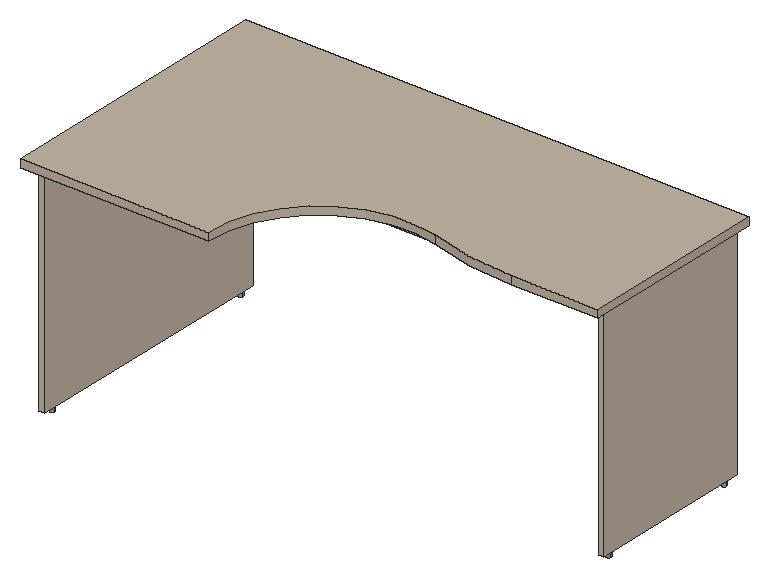
Revit family "Стол рабочий эргономичный Юнитекс К", category Оборудование, Revit 2017
Family settings
  Размер круглого соединителя = Использовать диаметр
  Тип детали = Нормальный
  На основе рабочей плоскости = Нет
  Всегда вертикально = Да
  При загрузке вырезать с полостями = Нет
  Общий = Нет
  Точка расчета площади = Нет
Parameters (values of type "Левый 1600")
  Ширина = 1600.0 mm
  Примечание = ""
  Обозначение = "К 133"
  Наименование = "Стол рабочий эргономичный"
  Материал = Ясень
  Масса = ""
  Код оборудования = ""
  Keynote = ""
  Изготовитель = "Severin"
  Завод = "Юнитекс"
  Единицы = "шт."
  Model = ""
  Глубина = 900.0 mm
  Высота = 750.0 mm
Types (2, lengths in mm): name | Ширина | Обозначение | Изготовитель | Model
  Левый 1400 | 1400.0 | "К 132" | 0.0 | "ТХ"
  Левый 1600 | 1600.0 | "К 133" | "Severin" | ""
Reference planes
  plane 1 "По центру (Вперед/Назад)": y = 0
  plane 2: z = 0
  plane 3 "По центру (Влево/Вправо)": x = 0
  plane 4: x = -800
  plane 5: y = 450
  plane 6: y = -450
  plane 7: x = 780
  plane 8: x = -780
  plane 9: y = 400
  plane 10: y = 382
  plane 11: x = -762
  plane 12: x = 762
  plane 13: y = 430
  plane 14: y = -400
  plane 15: y = -150
  plane 16: y = -100
  plane 17: x = 800
Forms (mm)
  Extrusion 1, solid, material "Ясень" <- "Материал"
    sketch origin (0, 0, 0) x (1, 0, 0) y (0, 1, 0)
      loop
        line (-800, -450) -> (-200, -450)
        arc (-200, -450) -> (-61.603, -167.608) -> (247.614, -110.306) r 350
        arc (247.614, -110.306) -> (385.684, -140.027) -> (526.563, -150) r 1000
        line (526.563, -150) -> (800, -150) -> (800, 450) -> (-800, 450) -> (-800, -450)
    from 725 to 750
  Extrusion 2, solid, material "Ясень" <- "Материал", detail levels medium+fine
    sketch origin (0, 0, 0) x (1, 0, 0) y (0, 1, 0)
      loop
        line (-780, 430) -> (-780, -400) -> (-762, -400) -> (-762, 430) -> (-780, 430)
    from 15 to 725
  Extrusion 3, solid, material "Ясень" <- "Материал", detail levels medium+fine
    sketch origin (0, 0, 0) x (1, 0, 0) y (0, 1, 0)
      loop
        line (-762, 400) -> (-762, 382) -> (762, 382) -> (762, 400) -> (-762, 400)
    from 375 to 725
  Extrusion 4, solid, material "Пластмасса, непрозрачная, черная", detail levels fine
    sketch origin (0, 0, 0) x (1, 0, 0) y (0, 1, 0)
      loop
        circle (-771, 391) r 7
      loop
        circle (-771, -359) r 7
      loop
        circle (771, 391) r 7
      loop
        circle (771, -69) r 7
    from 0 to 15
  Extrusion 5, solid, material "Ясень" <- "Материал", detail levels medium+fine
    sketch origin (0, 0, 0) x (1, 0, 0) y (0, 1, 0)
      loop
        line (762, 430) -> (762, -100) -> (780, -100) -> (780, 430) -> (762, 430)
    from 15 to 725
Dimensions and locks
  locked: plane 7 to plane 17 at 20
  locked: plane 12 to plane 7 at 18
  "Ширина": plane 4 to plane 17
  aligned and locked: level to plane 2
  aligned and locked: plane 12 to Extrusion 3
  aligned and locked: plane 7 to Extrusion 5
  aligned and locked: Extrusion 5 to plane 12
  aligned and locked: Extrusion 5 sketch curve to plane 7
  aligned and locked: plane 12 to Extrusion 5 sketch curve
  aligned and locked: plane 17 to Extrusion 1
Automatic sketch dimensions
  Extrusion 1 sketch curve to plane 4 = 0.0 mm
  Extrusion 1 sketch curve to plane 6 = 0.0 mm
  Extrusion 1 sketch curve to plane 15 = 0.0 mm
  Extrusion 1 sketch curve to plane 5 = 0.0 mm
  Extrusion 1 sketch curve to plane 3 "По центру (Влево/Вправо)" = 200.0 mm
  plane 6 to Extrusion 1 sketch curve = 3.587 mm
  plane 3 "По центру (Влево/Вправо)" to Extrusion 1 sketch curve = 149.982 mm
  Extrusion 1 sketch curve to plane 12 = 235.437 mm
  plane 5 to Extrusion 1 sketch curve = 400.0 mm
  Extrusion 2 sketch curve to plane 8 = 0.0 mm
  Extrusion 2 sketch curve to plane 11 = 0.0 mm
  Extrusion 2 sketch curve to plane 14 = 0.0 mm
  Extrusion 2 sketch curve to plane 13 = 0.0 mm
  Extrusion 3 sketch curve to plane 10 = 0.0 mm
  Extrusion 3 sketch curve to plane 11 = 0.0 mm
  Extrusion 3 sketch curve to plane 12 = 0.0 mm
  Extrusion 3 sketch curve to plane 9 = 0.0 mm
  plane 8 to Extrusion 4 sketch curve = 9.0 mm  (x2)
  Extrusion 4 sketch curve to plane 7 = 9.0 mm  (x2)
  plane 14 to Extrusion 4 sketch curve = 41.0 mm
  plane 16 to Extrusion 4 sketch curve = 31.0 mm
  Extrusion 4 sketch curve to plane 9 = 9.0 mm  (x2)
  Extrusion 5 sketch curve to plane 16 = 0.0 mm
  Extrusion 5 sketch curve to plane 13 = 0.0 mm
  Extrusion 1 sketch curve to plane 17 = 0.0 mm
  radius of Extrusion 4 sketch curve = 7.0 mm  (x4)
